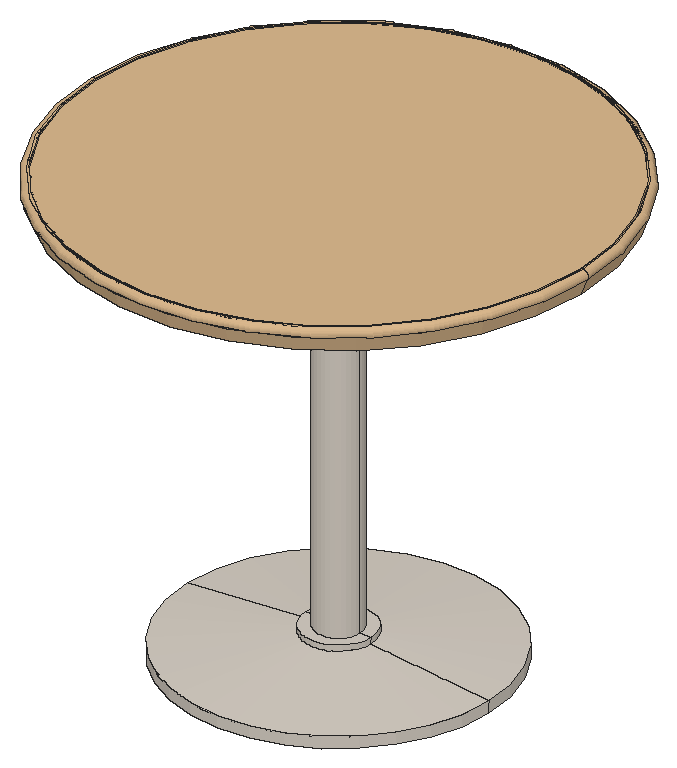
Revit family
Parameters (values of type "Table - Cafe")
  Table Radius = 450 mm
  Table Height = 800 mm
  Table Diameter = Table Radius * 2  # 900 mm
  Material Table Top = Wood - Birch
  Material Structure = Metal - Chrome
  Keynote = "N"
  Base Radius = 280 mm
  Base Diameter = Base Radius * 2  # 560 mm
  Assembly Code = ""
Reference planes
  plane 1 "Center (Front/Back)": y = 0
  plane 2: z = 0
  plane 3 "Center (Left/Right)": x = 0
  plane 4: z = 800
Forms (mm)
  Extrusion 1, solid, material "Wood - Birch" <- "Material Table Top"
    sketch origin (-625.421, 0, 800) x (-1, 0, 0) y (0, -1, 0)
      loop
        circle (-625.421, 0) r 450
    from 0 to -40
  Revolve 2, solid, material "Metal - Chrome" <- "Material Structure"
    sketch origin (0, 0, 0) x (1, 0, 0) y (0, 0, 1)
      loop
        line (-280, 0) -> (0, 0) -> (0, 760) -> (-40, 760) -> (-40, 49.174) -> (-60.837, 49.174) -> (-60.837, 39.174) -> (-280, 20) -> (-280, 0)
      axis (0, 0) -> (0, 760)
    angle from 0 to 360
  Sweep 3, solid, material "Wood - Birch" <- "Material Table Top"
    path in 3D
      loop
        arc (450, 0, 800) -> (0, -450, 800) -> (-450, 0, 800) r 450
        arc (-450, 0, 800) -> (0, 450, 800) -> (450, 0, 800) r 450
    profile origin (0, 450, 800) x (0, 1, 0) y (0, 0, 1)
      loop
        line (0, 0) -> (0, -40) -> (3, -40) -> (13.14, -13.584)
        arc (13.14, -13.584) -> (12.046, -4.336) -> (3.804, 0) r 10
        line (3.804, 0) -> (0, 0)
Lines and regions (mm)
  Masking region 1
    outline origin (0, 0, 0) x (1, 0, 0) y (0, 1, 0)
      loop
        circle (0, 0) r 465
  sketch lines
    curve 1: arc (-450, 0, 800) -> (0, 450, 800) -> (450, 0, 800) r 450
    curve 2: arc (450, 0, 800) -> (0, -450, 800) -> (-450, 0, 800) r 450
Dimensions and locks
  "Table Height": plane 4 to level
  "Base Radius": plane 3 "Center (Left/Right)" to Revolve 2 sketch curve
  "Table Radius": radius of Extrusion 1 sketch curve
  aligned and locked: Extrusion 1 to Revolve 2 sketch curve
Automatic sketch dimensions
  Extrusion 1 sketch curve to plane 1 "Center (Front/Back)" = 0 mm
  Extrusion 1 sketch curve to plane 3 "Center (Left/Right)" = 0 mm
  Revolve 2 sketch curve to level = 0 mm
  Revolve 2 sketch curve to plane 3 "Center (Left/Right)" = 0 mm  (x2)
  Revolve 2 sketch curve to plane 3 "Center (Left/Right)" = 40 mm
  Revolve 2 sketch curve to Revolve 2 sketch curve = 20.837 mm
  Revolve 2 sketch curve to level = 40 mm
  level to Revolve 2 sketch curve = 20 mm
  level to Revolve 2 sketch curve = 39.174 mm
  Revolve 2 sketch curve to Revolve 2 sketch curve = 10 mm
  Revolve 2 sketch curve to Revolve 2 sketch curve = 325.826 mm
  Sweep 3 sketch curve to profile plane = 0 mm  (x2)
  Sweep 3 sketch curve to profile plane = 3 mm
  Sweep 3 sketch curve to Sweep 3 sketch curve = 3.804 mm
  Sweep 3 sketch curve to Sweep 3 sketch curve = 9.336 mm
  Sweep 3 sketch curve to Sweep 3 sketch curve = 10 mm
  Sweep 3 sketch curve to Sweep 3 sketch curve = 26.416 mm
  Masking region 1 sketch curve to plane 1 "Center (Front/Back)" = 0 mm
  Masking region 1 sketch curve to plane 3 "Center (Left/Right)" = 0 mm
  radius of Masking region 1 sketch curve = 465 mm
